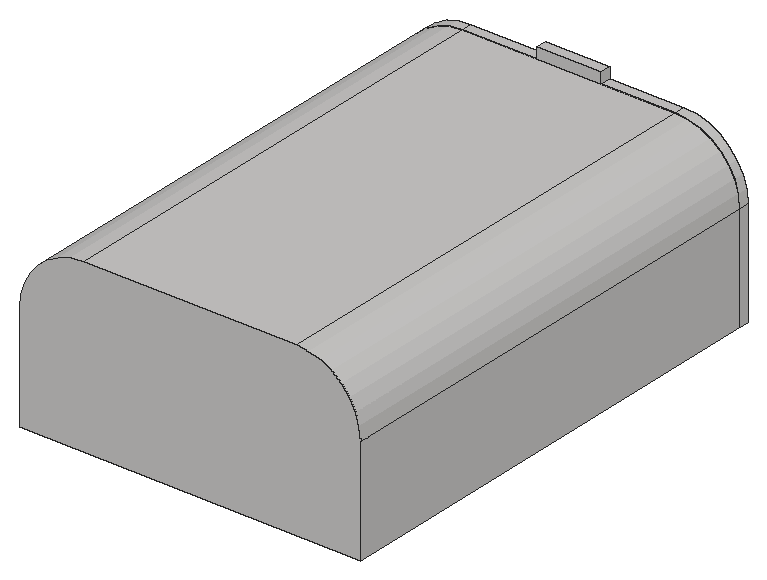
Revit family "Napkin_Disposal-Wall_Mounted-Bradley_Corp-4781-4791", category Specialty Equipment, host Face, Revit 2020
Family settings
  Host = Face
  Round Connector Dimension = Use Diameter
  Part Type = Normal
  OmniClass Number = 23.40.20.21.24
  OmniClass Title = Sanitary Napkin and Tampon Dispensers, Disposal Units
  Cut with Voids When Loaded = No
  Shared = No
  Room Calculation Point = No
Parameters (values of type "4781-11")
  z Shelf is Visible = no
  z Offset From Wall = 0.000"  # constant formula
  z Left Ref Offset = if(z Shelf is Visible, 8.000", 0.000")  # 0.000"
  Width = 8.000"
  Warranty Information = "Complete Unit 1 Year Warranty. This Warranty does not cover installation or any other labor charges and does not apply to any units which have been damaged by abuse, improper installation, imporper maintanence, or altered in any way."
  Version = "1.0"
  URL = "http://www.bradleycorp.com/"
  Technical Data = "n/a"
  Specifications URL = "http://www.bradleycorp.com/3partspec"
  Product Tech Data URL - Spanish = ""
  Product Tech Data URL - French = ""
  Product Tech Data URL - English = "https://www.bradleycorp.com/mediamanager/view/7984/Bradley_WasteReceptacle_4781-11.pdf"
  Product Page URL = "https://www.bradleycorp.com/product/satin-finish-surface-mounted-napkin-disposal"
  Percentage of Recycled Content = 0
  OmniClass Table 23 Title = "Sanitary Napkin and Tampon Dispensers, Disposal Units"
  OmniClass Table 23 Number = "23.40.20.21.24"
  OmniClass Table 21 Title = "Toilet, Bath, and Laundry Accessories"
  OmniClass Table 21 Number = "21-03 10 90 40"
  Modeling Code = "n/a"
  Model = "4781-11"
  MasterFormat Title = "Toilet, Bath, and Laundry Accessories"
  MasterFormat Number = "10 28 00"
  Manufacturer = "Bradley Corporation"
  Low Emitting Material = no
  LEED Credit = "0"
  Industry Standards = "n/a"
  Housing Material = Metal - Bradley Corp - Stainless Steel - Satin
  Height = 11.375"
  Fire Rating = "n/a"
  Description = "Surface Mounted Napkin Disposal"
  Depth = 4.250"
  Default Elevation = 26.000"
  Copyright = "This Model is Property of Bradley Corporation"
  Complies to NAFTA = ""
  Buy American Act = ""
  Assembly Code = "C1030200"
  ADA Compliant = "Yes"
Types (3): name | z Shelf is Visible | z Left Ref Offset | Product Tech Data URL - English | Product Page URL | Model | Description
  (no name) | no | 0.000" | "https://www.bradleycorp.com/mediamanager/view/7984/Bradley_WasteReceptacle_4781-11.pdf" | "https://www.bradleycorp.com/product/satin-finish-surface-mounted-napkin-disposal" | "4781-11" | "Surface Mounted Napkin Disposal"
  4791-11 | yes | 8.000" | "https://www.bradleycorp.com/mediamanager/view/11834/Bradley_WasteReceptacle_4791-11.pdf" | "https://www.bradleycorp.com/product/surface-mounted-napkin-disposal-with-shelf" | "4791-11" | "Surface Mounted Napkin Disposal with Shelf"
  4781-11 | no | 0.000" | "https://www.bradleycorp.com/mediamanager/view/7984/Bradley_WasteReceptacle_4781-11.pdf" | "https://www.bradleycorp.com/product/satin-finish-surface-mounted-napkin-disposal" | "4781-11" | "Surface Mounted Napkin Disposal"
Reference planes (in)
  plane 1 "Center (Front/Back)": y = 0
  plane 2 "Center (Elevation)": z = 0
  plane 3 "Center (Left/Right)": x = 0
  plane 4 "Right": x = 4
  plane 5 "Top": y = 5.6875
  plane 6 "Back": z = 0
  plane 7 "Front": z = 4.25
  plane 8 "Body Left": x = -4
  plane 9 "Bottom": y = -5.6875
  plane 10 "Lid Bottom": y = 5.4375
  plane 11 "Body Front": z = 4
  plane 12 "Lid Lip Right": x = 0.75
  plane 13 "Lid Lip Left": x = -0.75
  plane 14 "Shelf Left": x = -12
  plane 15 "Shelf Top": y = 2.3125
  plane 16 "Shelf Depth": z = 3.5
  plane 17 "Shelf Back Inner": z = 0.07
  plane 18 "Shelf Thickness": y = -5.6175
  plane 19 "Left": x = -4
Forms (in)
  Extrusion 1, solid, material "Metal - Bradley Corp - Stainless Steel - Satin" <- "Housing Material"
    sketch origin (0, 0, 0) x (1, 0, 0) y (0, 0, 1)
      loop
        arc (-2.5, 4) -> (-3.56066, 3.56066) -> (-4, 2.5) r 1.5
        line (-4, 2.5) -> (-4, 0) -> (4, 0) -> (4, 2.5)
        arc (4, 2.5) -> (3.56066, 3.56066) -> (2.5, 4) r 1.5
        line (2.5, 4) -> (-2.5, 4)
    from -5.4375 to 5.6875
  Extrusion 2, solid, material "Metal - Bradley Corp - Stainless Steel - Satin" <- "Housing Material"
    sketch origin (0, 0, 0) x (1, 0, 0) y (0, 0, 1)
      loop
        arc (-2.5, 4) -> (-3.56066, 3.56066) -> (-4, 2.5) r 1.5
        line (-4, 2.5) -> (-4, 0) -> (4, 0) -> (4, 2.5)
        arc (4, 2.5) -> (3.56066, 3.56066) -> (2.5, 4) r 1.5
        line (2.5, 4) -> (0.75, 4) -> (0.75, 4.25) -> (-0.75, 4.25) -> (-0.75, 4) -> (-2.5, 4)
    from -5.6875 to -5.4375
  Extrusion 3, solid, material "Metal - Bradley Corp - Stainless Steel - Satin" <- "Housing Material", visible <- "z Shelf is Visible"
    sketch origin (0, 0, 0) x (1, 0, 0) y (0, 0, 1)
      loop
        line (-12, 0) -> (-4, 0) -> (-4, 2.5)
        arc (-4, 2.5) -> (-3.90126, 3.03523) -> (-3.61803, 3.5) r 1.5
        line (-3.61803, 3.5) -> (-12, 3.5) -> (-12, 0)
    from 5.6175 to 5.6875
  Extrusion 4, solid, material "Metal - Bradley Corp - Stainless Steel - Satin" <- "Housing Material", visible <- "z Shelf is Visible"
    sketch origin (0, 0, 0) x (1, 0, 0) y (0, 1, 0)
      loop
        line (-12, -5.6175) -> (-4, -5.6175) -> (-4, 2.3125) -> (-12, -5.6175)
    from 0 to 0.07
Cuts and joins
  joined: Extrusion 3, Extrusion 4
Lines and regions (in)
  Masking region 1
    outline origin (60, 5.6875, 48) x (1, 0, 0) y (0, 0, 1)
      loop
        line (-56, -48) -> (-56, -45.5)
        arc (-56, -45.5) -> (-56.43934, -44.43934) -> (-57.5, -44) r 1.5
        line (-57.5, -44) -> (-59.25, -44) -> (-59.25, -43.75) -> (-60.75, -43.75) -> (-60.75, -44) -> (-62.5, -44)
        arc (-62.5, -44) -> (-63.56066, -44.43934) -> (-64, -45.5) r 1.5
        line (-64, -45.5) -> (-64, -48) -> (-56, -48)
  Masking region 2, visible <- "z Shelf is Visible"
    outline origin (60, 5.6875, 48) x (1, 0, 0) y (0, 0, 1)
      loop
        line (-72, -48) -> (-64, -48) -> (-64, -45.5)
        arc (-64, -45.5) -> (-63.90126, -44.96477) -> (-63.61803, -44.5) r 1.5
        line (-63.61803, -44.5) -> (-72, -44.5) -> (-72, -48)
  Masking region 3
    outline origin (0, 0, 4) x (-1, 0, 0) y (0, -1, 0)
      loop
        line (4, -5.6875) -> (4, 5.6175) -> (4, 5.6875) -> (3.61803, 5.6875) -> (-4, 5.6875) -> (-4, -5.6875) -> (4, -5.6875)
  Masking region 4
    outline origin (60, 5.6875, 48) x (1, 0, 0) y (0, 0, 1)
      loop
        arc (-56, -45.5) -> (-56.43934, -44.43934) -> (-57.5, -44) r 1.5
        line (-57.5, -44) -> (-59.25, -44) -> (-59.25, -43.75) -> (-60.75, -43.75) -> (-60.75, -44) -> (-62.5, -44)
        arc (-62.5, -44) -> (-63.56066, -44.43934) -> (-64, -45.5) r 1.5
        line (-64, -45.5) -> (-64, -48) -> (-56, -48) -> (-56, -45.5)
  Masking region 5
    outline origin (0, 0, 0) x (0, 1, 0) y (0, 0, 1)
      loop
        line (-5.6875, 4) -> (-5.6875, 0) -> (5.6875, 0) -> (5.6875, 4.25) -> (5.4375, 4.25) -> (5.4375, 4) -> (-5.6875, 4)
  Masking region 6, visible <- "z Shelf is Visible"
    outline origin (0, 0, 0) x (-1, 0, 0) y (0, -1, 0)
      loop
        line (4, -2.3125) -> (12, 5.6175) -> (12, 5.6875) -> (3.61803, 5.6875) -> (3.61803, 5.6175) -> (4, 5.6175) -> (4, -2.3125)
  Masking region 7, visible <- "z Shelf is Visible"
    outline origin (60, 5.6875, 48) x (1, 0, 0) y (0, 0, 1)
      loop
        line (-63.61803, -44.5) -> (-72, -44.5) -> (-72, -48) -> (-64, -48) -> (-64, -45.5)
        arc (-64, -45.5) -> (-63.90126, -44.96477) -> (-63.61803, -44.5) r 1.5
  Masking region 8, visible <- "z Shelf is Visible"
    outline origin (-4, 0, 0) x (0, 1, 0) y (0, 0, 1)
      loop
        line (2.3125, 0.07) -> (-5.6175, 0.07) -> (-5.6175, 0) -> (2.3125, 0) -> (2.3125, 0.07)
  Masking region 9, visible <- "z Shelf is Visible", detail levels medium+fine
    outline origin (-4, 0, 0) x (0, 1, 0) y (0, 0, 1)
      loop
        line (-5.6175, 3.5) -> (-5.6875, 3.5) -> (-5.6875, 0) -> (-5.6175, 0) -> (-5.6175, 3.5)
  symbolic lines, detail levels medium+fine
    curve 1: line (-4, 5.4375, 4) -> (4, 5.4375, 4)
    curve 2: line (0.75, 5.6875, 4) -> (-0.75, 5.6875, 4)
  symbolic lines
    curve 3: line (0, 5.4375, 4) -> (0, 5.4375, 0)
  symbolic lines, detail levels fine
    curve 4: line (-0.75, 5.6875, 4) -> (-0.75, 5.4375, 4)
    curve 5: line (0.75, 5.4375, 4) -> (0.75, 5.6875, 4)
  symbolic lines, visible <- "z Shelf is Visible", detail levels medium+fine
    curve 6: line (-4, -5.6175, 0) -> (-12, -5.6175, 0)
    curve 7: line (-4, 5.6875, 0.07) -> (-12, 5.6875, 0.07)
Dimensions and locks (in)
  "Depth": plane 7 "Front" to plane 6 "Back"
  "z Offset From Wall": plane 6 "Back" to plane 2 "Center (Elevation)"
  equal spacing: plane 9 "Bottom", plane 1 "Center (Front/Back)", plane 5 "Top"
  "Height": plane 9 "Bottom" to plane 5 "Top"
  equal spacing: plane 8 "Body Left", plane 3 "Center (Left/Right)", plane 4 "Right"
  "Width": plane 8 "Body Left" to plane 4 "Right"
  locked: plane 10 "Lid Bottom" to plane 5 "Top" at 0.25
  locked: plane 7 "Front" to plane 11 "Body Front" at 0.25
  equal spacing: plane 13 "Lid Lip Left", plane 3 "Center (Left/Right)", plane 12 "Lid Lip Right"
  locked: plane 13 "Lid Lip Left" to plane 12 "Lid Lip Right" at 1.5
  locked: plane 14 "Shelf Left" to plane 8 "Body Left" at 8
  locked: plane 9 "Bottom" to plane 15 "Shelf Top" at 8
  locked: plane 16 "Shelf Depth" to plane 6 "Back" at 3.5
  locked: plane 17 "Shelf Back Inner" to plane 6 "Back" at 0.07
  locked: plane 9 "Bottom" to plane 18 "Shelf Thickness" at 0.07
  locked: plane 11 "Body Front" to Extrusion 3 sketch curve at 1.5
  locked: Extrusion 3 sketch curve to plane 8 "Body Left" at 1.5
  locked: plane 11 "Body Front" to Masking region 2 sketch curve at 1.5
  locked: Masking region 2 sketch curve to plane 8 "Body Left" at 1.5
  "z Left Ref Offset": plane 19 "Left" to plane 8 "Body Left"
  aligned and locked: plane 2 "Center (Elevation)" to host face
  aligned and locked: level to host face
  aligned and locked: Extrusion 1 sketch curve to plane 11 "Body Front"
  aligned and locked: plane 8 "Body Left" to Extrusion 1 sketch curve
  aligned and locked: plane 6 "Back" to Extrusion 1 sketch curve
  aligned and locked: Extrusion 1 sketch curve to plane 4 "Right"
  aligned and locked: Extrusion 1 to plane 10 "Lid Bottom"
  aligned and locked: plane 9 "Bottom" to Extrusion 1
  aligned and locked: Extrusion 2 sketch curve to plane 4 "Right"
  aligned and locked: plane 6 "Back" to Extrusion 2 sketch curve
  aligned and locked: plane 8 "Body Left" to Extrusion 2 sketch curve
  aligned and locked: Extrusion 2 sketch curve to plane 11 "Body Front"  (x2)
  aligned and locked: Extrusion 2 sketch curve to plane 7 "Front"
  aligned and locked: Extrusion 2 sketch curve to plane 12 "Lid Lip Right"
  aligned and locked: Extrusion 2 sketch curve to plane 13 "Lid Lip Left"
  aligned and locked: Extrusion 2 to plane 5 "Top"
  aligned and locked: plane 10 "Lid Bottom" to Extrusion 2
  aligned and locked: plane 16 "Shelf Depth" to Extrusion 3 sketch curve
  aligned and locked: plane 14 "Shelf Left" to Extrusion 3 sketch curve
  aligned and locked: plane 6 "Back" to Extrusion 3 sketch curve
  aligned and locked: Extrusion 3 sketch curve to plane 8 "Body Left"
  aligned and locked: plane 9 "Bottom" to Extrusion 3
  aligned and locked: Extrusion 3 to plane 18 "Shelf Thickness"
  aligned and locked: plane 15 "Shelf Top" to Extrusion 4 sketch curve
  aligned and locked: plane 18 "Shelf Thickness" to Extrusion 4 sketch curve
  aligned and locked: plane 14 "Shelf Left" to Extrusion 4 sketch curve
  aligned and locked: Extrusion 4 sketch curve to plane 18 "Shelf Thickness"
  aligned and locked: Extrusion 4 sketch curve to plane 8 "Body Left"
  aligned and locked: plane 17 "Shelf Back Inner" to Extrusion 4
  aligned and locked: Extrusion 4 to plane 6 "Back"
  aligned and locked: Masking region 1 sketch curve to plane 4 "Right"
  aligned and locked: plane 6 "Back" to Masking region 1 sketch curve
  aligned and locked: plane 8 "Body Left" to Masking region 1 sketch curve
  aligned and locked: Masking region 1 sketch curve to plane 11 "Body Front"  (x2)
  aligned and locked: plane 7 "Front" to Masking region 1 sketch curve
  aligned and locked: Masking region 1 sketch curve to plane 13 "Lid Lip Left"
  aligned and locked: plane 12 "Lid Lip Right" to Masking region 1 sketch curve
  aligned and locked: plane 16 "Shelf Depth" to Masking region 2 sketch curve
  aligned and locked: Masking region 2 sketch curve to plane 8 "Body Left"
  aligned and locked: plane 14 "Shelf Left" to Masking region 2 sketch curve
  aligned and locked: plane 6 "Back" to Masking region 2 sketch curve
  aligned and locked: Masking region 3 sketch curve to Extrusion 2  (x2)
  aligned and locked: Masking region 3 sketch curve to Extrusion 1  (x2)
  aligned and locked: curve 1 to Extrusion 2
  aligned and locked: Masking region 4 sketch curve to Extrusion 2  (x4)
  aligned and locked: Masking region 5 sketch curve to Extrusion 1  (x2)
  aligned and locked: Masking region 5 sketch curve to Extrusion 2  (x2)
  aligned and locked: plane 10 "Lid Bottom" to curve 3
  aligned and locked: plane 7 "Front" to Extrusion 2
  aligned and locked: Masking region 5 to plane 5 "Top"
  aligned and locked: curve 4 to Extrusion 2
  aligned and locked: curve 5 to Extrusion 2
  aligned and locked: Masking region 6 sketch curve to cut or joined group of Extrusion 3, Extrusion 4  (x2)
  aligned and locked: Masking region 7 sketch curve to Masking region 2  (x5)
  aligned and locked: curve 7 to cut or joined group of Extrusion 3, Extrusion 4
  aligned and locked: Masking region 8 to plane 18 "Shelf Thickness"
  aligned and locked: Masking region 9 sketch curve to cut or joined group of Extrusion 3, Extrusion 4  (x2)
  aligned and locked: Masking region 9 sketch curve to Masking region 5
  aligned and locked: Extrusion 1 to Masking region 9 sketch curve
Automatic sketch dimensions
  host sketch curve to host sketch curve = 1.000"  (x2)
  plane 8 "Body Left" to Extrusion 1 sketch curve = 1.500"
  Extrusion 1 sketch curve to Extrusion 1 sketch curve = 1.500"
  plane 8 "Body Left" to Extrusion 2 sketch curve = 1.500"
  Extrusion 2 sketch curve to plane 4 "Right" = 1.500"
  plane 8 "Body Left" to Masking region 1 sketch curve = 1.500"
  Masking region 1 sketch curve to plane 4 "Right" = 1.500"
  curve 1 to plane 4 "Right" = 0.000"
  curve 1 to plane 8 "Body Left" = 0.000"
  Masking region 4 sketch curve to plane 7 "Front" = 0.000"
  Masking region 4 sketch curve to plane 13 "Lid Lip Left" = 0.000"
  Masking region 4 sketch curve to plane 12 "Lid Lip Right" = 0.000"
  curve 2 to plane 11 "Body Front" = 0.000"
  curve 2 to plane 13 "Lid Lip Left" = 0.000"
  curve 2 to plane 12 "Lid Lip Right" = 0.000"
  Masking region 5 sketch curve to plane 7 "Front" = 0.000"
  Masking region 5 sketch curve to plane 10 "Lid Bottom" = 0.000"
  curve 3 to level = 0.000"
  curve 3 to plane 11 "Body Front" = 0.000"
  plane 5 "Top" to curve 4 = 0.000"
  plane 5 "Top" to curve 5 = 0.000"
  plane 15 "Shelf Top" to Masking region 6 sketch curve = 0.000"
  plane 18 "Shelf Thickness" to Masking region 6 sketch curve = 0.000"  (x2)
  plane 8 "Body Left" to Masking region 6 sketch curve = 0.38197"
  Masking region 6 sketch curve to plane 8 "Body Left" = 0.000"
  curve 6 to plane 8 "Body Left" = 0.000"
  curve 6 to plane 14 "Shelf Left" = 0.000"
  plane 18 "Shelf Thickness" to curve 6 = 0.000"
  curve 7 to plane 14 "Shelf Left" = 0.000"
  curve 7 to plane 8 "Body Left" = 0.000"
  Masking region 8 sketch curve to plane 9 "Bottom" = 0.070"
  Masking region 8 sketch curve to level = 0.000"
  Masking region 8 sketch curve to plane 15 "Shelf Top" = 0.000"
  Masking region 8 sketch curve to plane 17 "Shelf Back Inner" = 0.000"
  plane 18 "Shelf Thickness" to Masking region 3 sketch curve = 0.000"
  plane 8 "Body Left" to Masking region 3 sketch curve = 0.38197"
